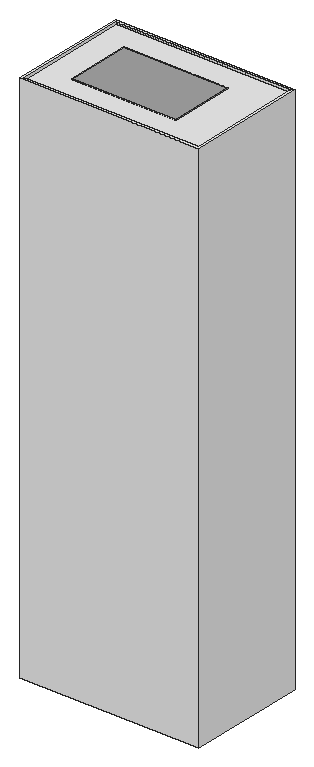
Revit family "01.Wichmann Kabelbox WD90 eckig_DECK", category Mechanical Equipment, host Ceiling, Revit 2018
Family settings
  Host = Ceiling
  Round Connector Dimension = Use Diameter
  Part Type = Normal
  OmniClass Number = 23.75.00.00
  OmniClass Title = Climate Control (HVAC)
  Always vertical = Yes
  Cut with Voids When Loaded = No
  Shared = No
  Room Calculation Point = No
Parameters (values of type "Kabelbox WD90 eckig, 60x90x270 mm")
  Werkstoff = Stahl
  TCeiling_0 [instance] = 500 mm
  T0 [instance] = TCeiling_0  # 500 mm
  Höhe = 60 mm
  H_rohbau = 100 mm
  H_i = 33 mm
  HAN = "00060090"
  Breite = 90 mm
  Bautiefe = 270 mm
  B_rohbau = 130 mm
  B_i = 60 mm
Types (68, lengths in mm): name | Höhe | H_rohbau | H_i | HAN | Breite | B_rohbau | B_i
  Kabelbox WD90 eckig, 60x90x270 mm | 60 | 100 | 33 | "00060090" | 90 | 130 | 60
  Kabelbox WD90 eckig, 60x120x270 mm | 60 | 100 | 33 | "00060120" | 120 | 160 | 90
  Kabelbox WD90 eckig, 60x160x270 mm | 60 | 100 | 33 | "00060160" | 160 | 200 | 130
  Kabelbox WD90 eckig, 60x180x270 mm | 60 | 100 | 33 | "00060180" | 180 | 220 | 150
  Kabelbox WD90 eckig, 60x200x270 mm | 60 | 100 | 33 | "00060200" | 200 | 240 | 170
  Kabelbox WD90 eckig, 60x240x270 mm | 60 | 100 | 33 | "00060240" | 240 | 280 | 210
  Kabelbox WD90 eckig, 60x280x270 mm | 60 | 100 | 33 | "00060280" | 280 | 320 | 250
  Kabelbox WD90 eckig, 60x335x270 mm | 60 | 100 | 33 | "00060335" | 335 | 375 | 305
  Kabelbox WD90 eckig, 60x380x270 mm | 60 | 100 | 33 | "00060380" | 380 | 420 | 350
  Kabelbox WD90 eckig, 60x435x270 mm | 60 | 100 | 33 | "00060435" | 435 | 475 | 405
  Kabelbox WD90 eckig, 60x480x270 mm | 60 | 100 | 33 | "00060480" | 480 | 520 | 450
  Kabelbox WD90 eckig, 60x535x270 mm | 60 | 100 | 33 | "00060535" | 535 | 575 | 505
  Kabelbox WD90 eckig, 60x580x270 mm | 60 | 100 | 33 | "00060580" | 580 | 620 | 550
  Kabelbox WD90 eckig, 60x640x270 mm | 60 | 100 | 33 | "00060640" | 640 | 680 | 610
  Kabelbox WD90 eckig, 80x90x270 mm | 80 | 120 | 50 | "00080090" | 90 | 130 | 60
  Kabelbox WD90 eckig, 80x120x270 mm | 80 | 120 | 50 | "00080120" | 120 | 160 | 90
  Kabelbox WD90 eckig, 80x160x270 mm | 80 | 120 | 50 | "00080160" | 160 | 200 | 130
  Kabelbox WD90 eckig, 80x180x270 mm | 80 | 120 | 50 | "00080180" | 180 | 220 | 150
  Kabelbox WD90 eckig, 80x200x270 mm | 80 | 120 | 50 | "00080200" | 200 | 240 | 170
  Kabelbox WD90 eckig, 80x240x270 mm | 80 | 120 | 50 | "00080240" | 240 | 280 | 210
  Kabelbox WD90 eckig, 80x280x270 mm | 80 | 120 | 50 | "00080280" | 280 | 320 | 250
  Kabelbox WD90 eckig, 80x335x270 mm | 80 | 120 | 50 | "00080335" | 335 | 375 | 305
  Kabelbox WD90 eckig, 80x380x270 mm | 80 | 120 | 50 | "00080380" | 380 | 420 | 350
  Kabelbox WD90 eckig, 80x435x270 mm | 80 | 120 | 50 | "00080435" | 435 | 475 | 405
  Kabelbox WD90 eckig, 80x480x270 mm | 80 | 120 | 50 | "00080480" | 480 | 520 | 450
  Kabelbox WD90 eckig, 80x535x270 mm | 80 | 120 | 50 | "00080535" | 535 | 575 | 505
  Kabelbox WD90 eckig, 80x580x270 mm | 80 | 120 | 50 | "00080580" | 580 | 620 | 550
  Kabelbox WD90 eckig, 80x640x270 mm | 80 | 120 | 50 | "00080640" | 640 | 680 | 610
  Kabelbox WD90 eckig, 90x90x270 mm | 90 | 130 | 56 | "00090090" | 90 | 130 | 60
  Kabelbox WD90 eckig, 90x120x270 mm | 90 | 130 | 56 | "00090120" | 120 | 160 | 90
  Kabelbox WD90 eckig, 90x160x270 mm | 90 | 130 | 56 | "00090160" | 160 | 200 | 130
  Kabelbox WD90 eckig, 90x180x270 mm | 90 | 130 | 56 | "00090180" | 180 | 220 | 150
  Kabelbox WD90 eckig, 90x200x270 mm | 90 | 130 | 56 | "00090200" | 200 | 240 | 170
  Kabelbox WD90 eckig, 90x240x270 mm | 90 | 130 | 56 | "00090240" | 240 | 280 | 210
  Kabelbox WD90 eckig, 90x280x270 mm | 90 | 130 | 56 | "00090280" | 280 | 320 | 250
  Kabelbox WD90 eckig, 90x335x270 mm | 90 | 130 | 56 | "00090335" | 335 | 375 | 305
  Kabelbox WD90 eckig, 90x380x270 mm | 90 | 130 | 56 | "00090380" | 380 | 420 | 350
  Kabelbox WD90 eckig, 90x435x270 mm | 90 | 130 | 56 | "00090435" | 435 | 475 | 405
  Kabelbox WD90 eckig, 90x480x270 mm | 90 | 130 | 56 | "00090480" | 480 | 520 | 450
  Kabelbox WD90 eckig, 90x535x270 mm | 90 | 130 | 56 | "00090535" | 535 | 575 | 505
  Kabelbox WD90 eckig, 90x580x270 mm | 90 | 130 | 56 | "00090580" | 580 | 620 | 550
  Kabelbox WD90 eckig, 90x640x270 mm | 90 | 130 | 56 | "00090640" | 640 | 680 | 610
  Kabelbox WD90 eckig, 100x120x270 mm | 100 | 140 | 64 | "00100120" | 120 | 160 | 90
  Kabelbox WD90 eckig, 100x160x270 mm | 100 | 140 | 64 | "00100160" | 160 | 200 | 130
  Kabelbox WD90 eckig, 100x180x270 mm | 100 | 140 | 64 | "00100180" | 180 | 220 | 150
  Kabelbox WD90 eckig, 100x200x270 mm | 100 | 140 | 64 | "00100200" | 200 | 240 | 170
  Kabelbox WD90 eckig, 100x240x270 mm | 100 | 140 | 64 | "00100240" | 240 | 280 | 210
  Kabelbox WD90 eckig, 100x280x270 mm | 100 | 140 | 64 | "00100280" | 280 | 320 | 250
  Kabelbox WD90 eckig, 100x335x270 mm | 100 | 140 | 64 | "00100335" | 335 | 375 | 305
  Kabelbox WD90 eckig, 100x380x270 mm | 100 | 140 | 64 | "00100380" | 380 | 420 | 350
  Kabelbox WD90 eckig, 100x435x270 mm | 100 | 140 | 64 | "00100435" | 435 | 475 | 405
  Kabelbox WD90 eckig, 100x480x270 mm | 100 | 140 | 64 | "00100480" | 480 | 520 | 450
  Kabelbox WD90 eckig, 100x535x270 mm | 100 | 140 | 64 | "00100535" | 535 | 575 | 505
  Kabelbox WD90 eckig, 100x580x270 mm | 100 | 140 | 64 | "00100580" | 580 | 620 | 550
  Kabelbox WD90 eckig, 100x640x270 mm | 100 | 140 | 64 | "00100640" | 640 | 680 | 610
  Kabelbox WD90 eckig, 110x120x270 mm | 110 | 150 | 70 | "00110120" | 120 | 160 | 90
  Kabelbox WD90 eckig, 110x160x270 mm | 110 | 150 | 70 | "00110160" | 160 | 200 | 130
  Kabelbox WD90 eckig, 110x180x270 mm | 110 | 150 | 70 | "00110180" | 180 | 220 | 150
  Kabelbox WD90 eckig, 110x200x270 mm | 110 | 150 | 70 | "00110200" | 200 | 240 | 170
  Kabelbox WD90 eckig, 110x240x270 mm | 110 | 150 | 70 | "00110240" | 240 | 280 | 210
  Kabelbox WD90 eckig, 110x280x270 mm | 110 | 150 | 70 | "00110280" | 280 | 320 | 250
  Kabelbox WD90 eckig, 110x335x270 mm | 110 | 150 | 70 | "00110335" | 335 | 375 | 305
  Kabelbox WD90 eckig, 110x380x270 mm | 110 | 150 | 70 | "00110380" | 380 | 420 | 350
  Kabelbox WD90 eckig, 110x435x270 mm | 110 | 150 | 70 | "00110435" | 435 | 475 | 405
  Kabelbox WD90 eckig, 110x480x270 mm | 110 | 150 | 70 | "00110480" | 480 | 520 | 450
  Kabelbox WD90 eckig, 110x535x270 mm | 110 | 150 | 70 | "00110535" | 535 | 575 | 505
  Kabelbox WD90 eckig, 110x580x270 mm | 110 | 150 | 70 | "00110580" | 580 | 620 | 550
  Kabelbox WD90 eckig, 110x640x270 mm | 110 | 150 | 70 | "00110640" | 640 | 680 | 610
Reference planes
  plane 1 "Center (Front/Back)": y = 0
  plane 2: z = 0
  plane 3 "Center (Left/Right)": x = 0
  plane 4 "Ceiling": z = 4065
  plane 5: x = -30
  plane 6: y = -16.5
  plane 7: x = -45
  plane 8: x = -65
  plane 9: y = -30
  plane 10: y = -50
  plane 11: z = 4315
  plane 12: z = 4565
  plane 13: z = 4450
  plane 14: z = 4180
  plane 15: y = 16.5
  plane 16: y = 50
  plane 17: x = 30
  plane 18: x = 45
  plane 19: x = 65
  plane 20: y = 30
Forms (mm)
  Extrusion 1, solid, material "Stahl" <- "Werkstoff"
    sketch origin (0, 0, 4065) x (0, 1, 0) y (-1, 0, 0)
      loop
        line (30, 45) -> (-30, 45) -> (-30, -45) -> (30, -45) -> (30, 45)
      loop
        line (29, 44) -> (-29, 44) -> (-29, -44) -> (29, -44) -> (29, 44)
    from 115 to 385
  Extrusion 2, solid, material "Brandschutzeinlage"
    sketch origin (0, 0, 4065) x (0, 1, 0) y (-1, 0, 0)
      loop
        line (29, 44) -> (-29, 44) -> (-29, -44) -> (29, -44) -> (29, 44)
      loop
        line (16.5, 30) -> (-16.5, 30) -> (-16.5, -22.5) -> (16.5, -22.5) -> (16.5, 30)
    from 116 to 384
  Extrusion 3, solid, material "EasyFoam"
    sketch origin (0, 0, 4065) x (0, 1, 0) y (-1, 0, 0)
      loop
        line (16.5, 30) -> (-16.5, 30) -> (-16.5, -22.5) -> (16.5, -22.5) -> (16.5, 30)
    from 116 to 384
Lines and regions (mm)
  Opening 1
    outline origin (-2000, 2000, 4565) x (-1, 0, 0) y (0, -1, 0)
      loop
        line (-1935, 1950) -> (-1935, 2050) -> (-2065, 2050) -> (-2065, 1950) -> (-1935, 1950)
Dimensions and locks
  equal spacing: host sketch curve, plane 3 "Center (Left/Right)", host sketch curve
  equal spacing: host sketch curve, plane 1 "Center (Front/Back)", host sketch curve
  host sketch curve to host sketch curve = 4000 mm  (x2)
  equal spacing: plane 12, plane 11, plane 4 "Ceiling"
  "TCeiling_0": host ceiling to host ceiling
  "T0": plane 12 to plane 4 "Ceiling"
  equal spacing: plane 13, plane 11, plane 14, locked at 135 each
  equal spacing: plane 5, plane 3 "Center (Left/Right)", plane 17
  "B_i": plane 5 to plane 17
  equal spacing: plane 7, plane 3 "Center (Left/Right)", plane 18
  "Breite": plane 7 to plane 18
  equal spacing: plane 8, plane 3 "Center (Left/Right)", plane 19
  "B_rohbau": plane 8 to plane 19
  equal spacing: plane 6, plane 1 "Center (Front/Back)", plane 15
  "H_i": plane 6 to plane 15
  equal spacing: plane 10, plane 1 "Center (Front/Back)", plane 16
  "H_rohbau": plane 10 to plane 16
  equal spacing: plane 20, plane 1 "Center (Front/Back)", plane 9
  "Höhe": plane 20 to plane 9
  locked: plane 7 to Extrusion 1 at 1
  locked: Extrusion 1 to plane 18 at 1
  locked: Extrusion 1 to plane 20 at 1
  locked: Extrusion 1 to plane 9 at 1
  Extrusion 2 sketch curve to Extrusion 2 sketch curve to Extrusion 2 sketch curve = 52.5 mm, 21.5 mm
  locked: Extrusion 2 to plane 14 at 1
  locked: plane 13 to Extrusion 2 at 1
  "Bautiefe": plane 13 to plane 14
  aligned and locked: plane 4 "Ceiling" to host ceiling
  aligned and locked: plane 16 to Opening 1 sketch curve
  aligned and locked: Opening 1 sketch curve to plane 8
  aligned and locked: plane 10 to Opening 1 sketch curve
  aligned and locked: Opening 1 sketch curve to plane 19
  aligned and locked: Extrusion 1 sketch curve to plane 20
  aligned and locked: plane 7 to Extrusion 1 sketch curve
  aligned and locked: Extrusion 1 sketch curve to plane 9
  aligned and locked: plane 18 to Extrusion 1 sketch curve
  aligned and locked: Extrusion 2 sketch curve to Extrusion 1  (x4)
  aligned and locked: Extrusion 2 sketch curve to plane 15
  aligned and locked: plane 6 to Extrusion 2 sketch curve
  aligned and locked: Extrusion 2 to plane 5
  aligned and locked: plane 13 to Extrusion 1
  aligned and locked: Extrusion 1 to plane 14
  aligned and locked: Extrusion 2 to Extrusion 3  (x2)
  aligned and locked: nested 1 to plane 7
  aligned and locked: nested 1 to plane 18
  aligned and locked: nested 2 to plane 9
  aligned and locked: plane 20 to nested 2
  aligned and locked: plane 16 to nested 3
  aligned and locked: plane 8 to nested 3
  aligned and locked: plane 10 to nested 3
  aligned and locked: plane 19 to nested 3
  aligned and locked: plane 12 to nested 1
  aligned and locked: plane 4 "Ceiling" to nested 1
  aligned and locked: plane 12 to nested 2
  aligned and locked: plane 4 "Ceiling" to nested 2
Automatic sketch dimensions
  plane 9 to Extrusion 1 sketch curve = 1 mm
  plane 20 to Extrusion 1 sketch curve = 1 mm
  Extrusion 1 sketch curve to plane 18 = 1 mm
  Extrusion 1 sketch curve to plane 7 = 1 mm
  Extrusion 3 sketch curve to plane 5 = 0 mm
  Extrusion 3 sketch curve to plane 6 = 0 mm
  plane 15 to Extrusion 3 sketch curve = 0 mm
  plane 3 "Center (Left/Right)" to Extrusion 3 sketch curve = 22.5 mm
Nested families
  nested 1: "Side" at (0, 0, 4315) x (1, 0, 0) z (0, -1, 0), type "Side"
    with h 500 mm, b 90 mm
  nested 2: "Side" at (0, 0, 4315) x (0, -1, 0) z (1, 0, 0), type "Side"
    with h 500 mm, b 60 mm
  nested 3: "Front" at (0, 0, 4065) x (0, -1, 0) z (0, 0, -1), type "Front"
    with x 16.667 mm, h 130 mm, b 100 mm
Definition of nested family "Side"
  Parameters (values of type "Side")
    h [instance] = 433.181 mm
    b [instance] = 613.979 mm
  Reference planes
    plane 1 "Center (Front/Back)": y = 0
    plane 2: z = 0
    plane 3 "Center (Left/Right)": x = 0
    plane 4: y = 216.59
    plane 5: x = -306.99
    plane 6: x = 306.99
    plane 7: y = -216.59
  Lines and regions (mm)
    detail lines, in view "Ref. Level"
      curve 1: line (-306.99, 216.59, 0) -> (306.99, 216.59, 0)
      curve 2: line (-306.99, -216.59, 0) -> (-306.99, 216.59, 0)
      curve 3: line (306.99, -216.59, 0) -> (-306.99, -216.59, 0)
      curve 4: line (306.99, 216.59, 0) -> (306.99, -216.59, 0)
      curve 5: line (306.99, -216.59, 0) -> (-306.99, 216.59, 0)
      curve 6: line (-306.99, -216.59, 0) -> (306.99, 216.59, 0)
  Dimensions and locks
    equal spacing: plane 4, plane 1 "Center (Front/Back)", plane 7
    "h": plane 4 to plane 7
    equal spacing: plane 5, plane 3 "Center (Left/Right)", plane 6
    "b": plane 5 to plane 6
    aligned and locked: curve 3 to plane 7
    aligned and locked: plane 6 to curve 4
  Automatic sketch dimensions
    curve 1 to plane 4 = 0 mm
    curve 1 to plane 5 = 0 mm
Definition of nested family "Front"
  Parameters (values of type "Front")
    h [instance] = 433.181 mm
    x [instance] = if(b < h, b, h) / 6  # 72.197 mm
    b [instance] = 613.979 mm
  Reference planes
    plane 1 "Center (Front/Back)": y = 0
    plane 2: z = 0
    plane 3 "Center (Left/Right)": x = 0
    plane 4: y = 216.59
    plane 5: x = -306.99
    plane 6: x = 306.99
    plane 7: y = -216.59
    plane 8: x = -234.793
    plane 9: y = 144.394
  Lines and regions (mm)
    Filled region 1, type "Concrete", in view "Ref. Level"
      outline origin (0, 0, 0) x (1, 0, 0) y (0, 1, 0)
        loop
          line (306.99, 216.59) -> (-306.99, 216.59) -> (-306.99, -216.59) -> (-234.793, 144.394) -> (306.99, 216.59)
    detail lines, in view "Ref. Level"
      curve 1: line (-306.99, 216.59, 0) -> (306.99, 216.59, 0)
      curve 2: line (-306.99, -216.59, 0) -> (-306.99, 216.59, 0)
      curve 3: line (306.99, -216.59, 0) -> (-306.99, -216.59, 0)
      curve 4: line (306.99, 216.59, 0) -> (306.99, -216.59, 0)
  Dimensions and locks
    equal spacing: plane 4, plane 1 "Center (Front/Back)", plane 7
    "h": plane 4 to plane 7
    equal spacing: plane 5, plane 3 "Center (Left/Right)", plane 6
    "b": plane 5 to plane 6
    "x": plane 4 to plane 9
    "x": plane 5 to plane 8
    aligned and locked: plane 9 to Filled region 1 sketch curve
    aligned and locked: plane 8 to Filled region 1 sketch curve
    aligned and locked: curve 1 to Filled region 1
    aligned and locked: curve 2 to Filled region 1
    aligned and locked: curve 3 to plane 7
    aligned and locked: plane 6 to curve 4
  Automatic sketch dimensions
    Filled region 1 sketch curve to plane 4 = 0 mm
    Filled region 1 sketch curve to plane 5 = 0 mm
    Filled region 1 sketch curve to plane 6 = 0 mm
    plane 7 to Filled region 1 sketch curve = 0 mm
